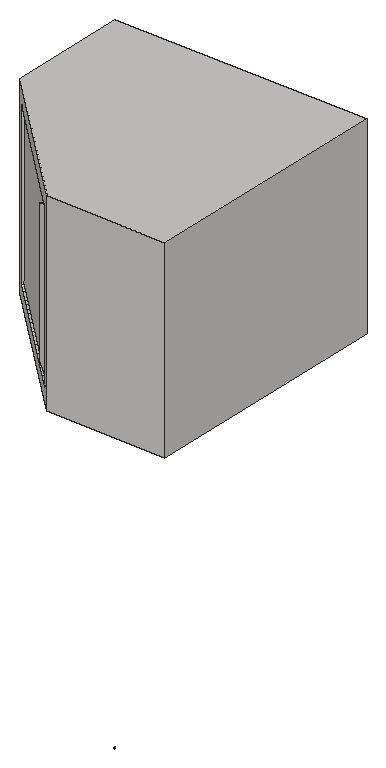
Revit family "QF_ZANUSSI_132829_PAB800LCN", category Attrezzature speciali, Revit 2020
Family settings
  Quota connettore circolare = Usa diametro
  Tipo di parte = Normale
  Basato su piano di lavoro = No
  Sempre verticale = Sì
  Taglio con vuoti quando caricato = No
  Condiviso = No
  Punto di calcolo locali = No
Parameters (values of type "Standard")
  Weight = 18.00 kg
  Watts = 0 W
  Volts = 0 V
  URL Manufacturer = "http://www.zanussiprofessional.com"
  URL = "http://www.zanussiprofessional.com"
  Steam Supply Size = 0 mm
  Steam Supply Minimum Pressure = 0.0 Pa
  Steam Supply Maximum Pressure = 0.0 Pa
  Steam Consumption per Hour = 0
  Refrigeration Suction Line Size = 0.0 mm
  Refrigeration Liquid Line Size = 0.0 mm
  Refrigerant Compressor Remote = yes
  Prospetto di default = 0.0 mm
  Phase = 0
  Modello = "PAB800LCN"
  Produttore = "Zanussi"
  Length Actual = 850.0 mm  # constant formula
  Item Number = "132829"
  Hot Water Size = 0 mm
  Height Actual = 650.0 mm  # constant formula
  HP = "0 HP"
  Gas Size = 0 mm
  Gas KW = 0
  Gas Input Pressure = 0 W
  Direct Waste Size = 0 mm
  Descrizione = "WALL CUPBOARD W/1 HINGED DOOR-CORNER"
  Depth Actual = 850.0 mm  # constant formula
  Cycle = 0 Hz
  Condensate Return Size = 0 mm
  Compressed Air Volume = 0.0 L/s
  Compressed Air Size = 0 mm
  Compressed Air Pressure = 0.0 Pa
  Cold Water Size = 0 mm
  Accessory = yes
Reference planes
  plane 1: z = 0
  plane 2 "Center (Left/Right)": through (-211.258, -36.758, 0) normal (0.7071, -0.7071, 0)
  plane 3 "Base": z = 2200
  plane 4 "BASE": z = 1550
  plane 5: through (-946.284, 371.916, 4000) normal (0.7071, 0.7071, 0)
  plane 6: through (-487.609, -14.003, 4000) normal (0.7071, -0.7071, 0)
  plane 7: y = -424.606
  plane 8 "Top": y = 425.394
  plane 9: x = -150
  plane 10: x = 250
  plane 11 "Left": x = -600
  plane 12: y = 25.394
Forms (mm)
  Extrusion 1, solid, material "QF_Finishes_Stainless Steel"
    sketch origin (0, 0, 1550) x (-1, 0, 0) y (0, -1, 0)
      loop
        line (133.752, 391.071) -> (130.216, 394.606) -> (126.681, 391.071) -> (130.216, 387.535) -> (133.752, 391.071)
    from 50 to 53
  Extrusion 2, solid, material "QF_Finishes_Stainless Steel"
    sketch origin (0, 0, 1550) x (-1, 0, 0) y (0, -1, 0)
      loop
        line (600, -425.394) -> (600, -25.632) -> (569.595, 4.772) -> (548.382, -16.441) -> (570, -38.059) -> (570, -395.394) -> (-220.894, -395.394) -> (-220.894, 394.606) -> (137.335, 394.606) -> (158.059, 373.882) -> (179.272, 395.095) -> (149.762, 424.606) -> (-250.894, 424.606) -> (-250.894, -425.394) -> (600, -425.394)
    from 50 to 595
  Extrusion 3, solid, material "QF_Finishes_Stainless Steel"
    sketch origin (0, 0, 1550) x (-1, 0, 0) y (0, -1, 0)
      loop
        line (600, -425.394) -> (600, -25.632) -> (149.762, 424.606) -> (-250.894, 424.606) -> (-250.894, -425.394) -> (600, -425.394)
    from 0 to 50
  Extrusion 4, solid, material "QF_Finishes_Stainless Steel"
    sketch origin (0, 0, 0) x (1, 0, 0) y (0, 1, 0)
      loop
        line (-600, 425.394) -> (-600, 423.388) -> (-598, 423.388) -> (-598, 425.394) -> (-600, 425.394)
    from 0 to 1.6
  Extrusion 5, solid, material "QF_Finishes_Stainless Steel"
    sketch origin (0, 0, 1550) x (-1, 0, 0) y (0, -1, 0)
      loop
        line (600, -425.394) -> (600, -25.632) -> (149.762, 424.606) -> (-250.894, 424.606) -> (-250.894, -425.394) -> (600, -425.394)
    from 595 to 650
Cuts and joins
  joined: Extrusion 2, Extrusion 3, Extrusion 5
Lines and regions (mm)
  symbolic lines, style "SpecialityEquipment"
    curve 1: line (246.651, -424.606, 1550) -> (-149.762, -424.606, 1550)
    curve 2: line (-600, 425.394, 1550) -> (-600, 25.632, 1550)
    curve 3: line (250.894, 425.394, 1550) -> (-600, 425.394, 1550)
    curve 4: line (250.894, -424.606, 1550) -> (250.894, 425.394, 1550)
    curve 5: line (-600, 25.632, 1550) -> (-149.762, -424.606, 1550)
    curve 6: line (250.894, 425.394, 0) -> (-600, 25.632, 0)
    curve 7: line (250.894, 425.394, 0) -> (-149.574, -424.794, 0)
Dimensions and locks
  plane 4 "BASE" to level = 1550.0 mm
  locked: plane 3 "Base" to plane 4 "BASE" at 650
  plane 10 to plane 9 = 400.0 mm
  plane 10 to plane 11 "Left" = 850.0 mm
  plane 8 "Top" to plane 12 = 400.0 mm
  plane 8 "Top" to plane 7 = 850.0 mm
  aligned and locked: level to plane 1
Nested families
  nested 1: "H650_530ang_1SLIDEDOOR" at (-354.581, -163.17, 1875) x (-0.7071, 0.7071, 0) z (-0.7071, -0.7071, 0), type "H650_530ang_1SLIDEDOOR"
    with Show Clearance yes
Definition of nested family "H650_530ang_1SLIDEDOOR"
  Parameters
    WidthDoor [instance] = 636.0 mm
    Show Clearance [instance] = yes
    Model = "727995"
    HeightDoor = 650.0 mm
    Default Elevation = 0.0 mm
  Reference planes
    plane 1 "Center (Front/Back)": y = 0
    plane 2: z = 0
    plane 3 "Center (Left/Right)": x = -11.958
    plane 4 "panel": z = 25
    plane 5 "High": y = 325
    plane 6 "Low": y = -325
    plane 7 "Left": x = -329.958
    plane 8: x = -284.958
    plane 9 "Right": x = 306.042
    plane 10: x = 264.042
    plane 11: x = -287.958
    plane 12: x = 261.042
    plane 13: y = 260
    plane 14: y = -265
    plane 15: z = 40.034
  Forms (mm)
    Extrusion 1, solid
      sketch origin (0, -919.2, 0) x (1, 0, 0) y (0, 1, 0)
        loop
          line (-980.5, 2119.2) -> (-980.5, -162.846) -> (881.94, -162.846) -> (881.94, 2119.2) -> (-980.5, 2119.2)
      from 0 to -59.546
    Extrusion 2, solid
      sketch origin (552.042, 0, 0) x (-1, 0, 0) y (0, 0, -1)
        loop
          line (288.67, -35) -> (772, -35) -> (807, -20) -> (837, -20) -> (837, 0) -> (288.67, 0) -> (288.67, -35)
      from 265 to -260
    Extrusion 3, solid
      sketch origin (0, 0, 0) x (1, 0, 0) y (0, 0, 1)
        loop
          line (-242.958, 49) -> (-270.958, 34) -> (-284.958, 20) -> (-282.13, 20) -> (-269.753, 32.377) -> (-242.014, 47.237) -> (-242.958, 49)
      from -260 to 265
    Extrusion 4, void
      sketch origin (0, 0, 0) x (1, 0, 0) y (0, 1, 0)
        loop
          line (-237.458, -265) -> (-237.458, -213.25) -> (-271.958, -265) -> (-237.458, -265)
        loop
          line (-242.014, 260) -> (-252.014, 260)
          arc (-252.014, 260) -> (-244.943, 257.071) -> (-242.014, 250) r 10
          line (-242.014, 250) -> (-242.014, 260)
      from 28.426 to 53.364
    Extrusion 5, solid, detail levels coarse
      sketch origin (0, 0, 0) x (1, 0, 0) y (0, 0, 1)
        loop
          line (261.042, 40.034) -> (261.042, 531.034)
          arc (261.042, 531.034) -> (-109.961, 394.515) -> (-284.958, 40.034) r 533.141
          line (-284.958, 40.034) -> (261.042, 40.034)
      from -260 to 265
  Cuts and joins
    Extrusion 4 cuts Extrusion 3
  Lines and regions (mm)
    symbolic lines
      curve 1: line (261.042, 0, 40.034) -> (261.042, 0, 531.034)
      curve 2: arc (261.042, 0, 531.034) -> (-109.961, 0, 394.515) -> (-284.958, 0, 40.034) r 533.141
  Dimensions and locks
    plane 4 "panel" to level = 25.0 mm
    "WidthDoor": plane 7 "Left" to plane 9 "Right"
    equal spacing: plane 7 "Left", plane 3 "Center (Left/Right)", plane 9 "Right"
    locked: plane 7 "Left" to plane 11 at 42
    locked: plane 11 to plane 8 at 3
    locked: plane 12 to plane 10 at 3
    equal spacing: plane 6 "Low", plane 1 "Center (Front/Back)", plane 5 "High"
    "HeightDoor": plane 6 "Low" to plane 5 "High"
    plane 6 "Low" to plane 14 = 60.0 mm
    plane 13 to plane 5 "High" = 65.0 mm
    locked: plane 10 to plane 9 "Right" at 42
    plane 15 to Extrusion 1 = 40.034 mm
    aligned and locked: plane 2 to Extrusion 1
    aligned and locked: level to Extrusion 1
  Automatic sketch dimensions
    Extrusion 1 sketch curve to Extrusion 1 sketch curve = 1862.44 mm
    Extrusion 1 sketch curve to Extrusion 1 sketch curve = 2282.046 mm
    plane 8 to Extrusion 3 sketch curve = 0.0 mm
    plane 4 "panel" to Extrusion 3 sketch curve = 9.0 mm
    Extrusion 3 sketch curve to plane 8 = 14.0 mm
    plane 4 "panel" to Extrusion 3 sketch curve = 7.377 mm
    Extrusion 3 sketch curve to plane 4 "panel" = 5.0 mm
    Extrusion 3 sketch curve to plane 8 = 2.828 mm
    Extrusion 2 sketch curve to level = 0.0 mm
    plane 8 to Extrusion 2 sketch curve = 0.0 mm
    Extrusion 2 sketch curve to Extrusion 2 sketch curve = 35.0 mm
    Extrusion 2 sketch curve to plane 10 = 0.67 mm
    plane 4 "panel" to Extrusion 2 sketch curve = 10.0 mm
    Extrusion 2 sketch curve to plane 8 = 65.0 mm
    Extrusion 2 sketch curve to plane 4 "panel" = 5.0 mm
    Extrusion 3 sketch curve to Extrusion 3 sketch curve = 1.205 mm
    Extrusion 3 sketch curve to Extrusion 3 sketch curve = 28.0 mm
    Extrusion 4 sketch curve to plane 14 = 0.0 mm
    Extrusion 4 sketch curve to plane 8 = 13.0 mm
    Extrusion 4 sketch curve to plane 13 = 10.0 mm
    Extrusion 4 sketch curve to plane 8 = 32.944 mm
    plane 13 to Extrusion 4 sketch curve = 0.0 mm
    Extrusion 4 sketch curve to Extrusion 4 sketch curve = 34.5 mm
    plane 14 to Extrusion 4 sketch curve = 51.75 mm
    plane 4 "panel" to Extrusion 3 sketch curve = 22.237 mm
    plane 8 to Extrusion 5 sketch curve = 0.0 mm
    Extrusion 5 sketch curve to plane 12 = 0.0 mm
    Extrusion 5 sketch curve to plane 15 = 0.0 mm
    Extrusion 5 sketch curve to level = 1.91 mm
    Extrusion 5 sketch curve to plane 12 = 14.511 mm
    plane 8 to curve 2 = 0.0 mm
    curve 2 to plane 12 = 0.0 mm
    curve 1 to plane 15 = 0.0 mm
    curve 2 to plane 15 = 0.0 mm
    curve 2 to level = 1.91 mm
    curve 2 to plane 12 = 14.511 mm
